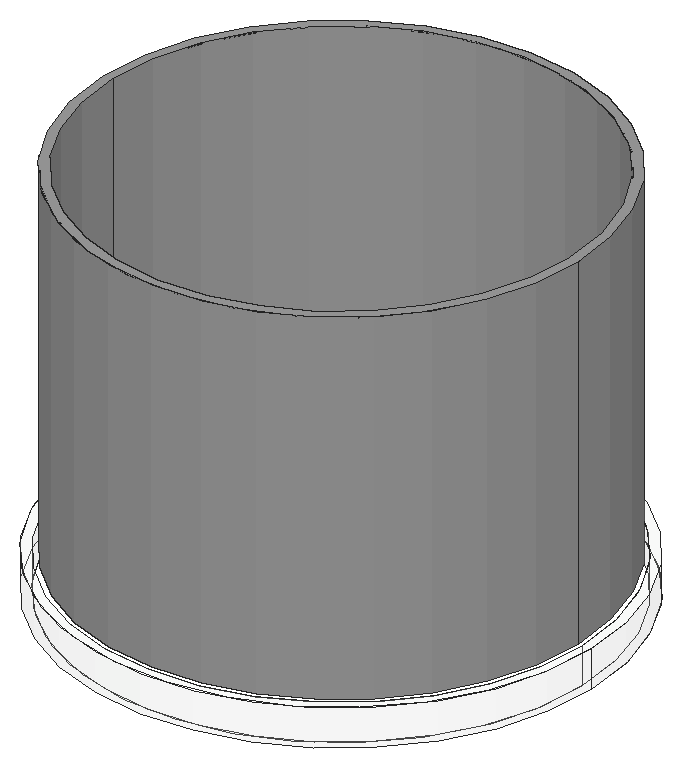
Revit family "Iluminação embutida - Luz de spot", category Luminárias, Revit 2019
Family settings
  Hospedeiro = Forro
  Cota do conector redondo = Utilizar diâmetro
  Tipo de parte = Normal
  Número OmniClass = 23.80.70.11
  Título OmniClass = Luminaries for Internal Lighting
  Sempre na vertical = Sim
  Corte com vazios quando carregada = Não
  Fonte luminosa = Sim
  Compartilhado = Não
  Ponto de cálculo do ambiente = Não
Parameters (values of type "110x75mm-50W")
  Wattage = 50 W
  built-in parameter 1150110 = 1 (stored number, unit not read)
  built-in parameter 1114217 = 1 (stored number, unit not read)
  Tilt Angle = 90.00°
  Espessura = 8 mm
  built-in parameter 1150109 = 1 (stored number, unit not read)
  built-in parameter 1150134 = (empty or 0)
  built-in parameter 1150113 = 1 (stored number, unit not read)
  built-in parameter 1010507 = 1.5708 (stored number, unit not read)
  built-in parameter 1010506 = 0.5236 (stored number, unit not read)
  Raio = 55 mm
  Lumens = 900 lm
  built-in parameter 1150115 = 1 (stored number, unit not read)
  built-in parameter 1150105 = 3009.2 (stored number, unit not read)
  Comprimento do símbolo da fonte luminosa = 2000 mm
  built-in parameter 1150137 = (empty or 0)
  built-in parameter 1150139 = (empty or 0)
  Material da luminária = Metal - Acabamento pintado - Marfim, fosco
  built-in parameter 1150112 = 1 (stored number, unit not read)
  built-in parameter 1150114 = 1 (stored number, unit not read)
  built-in parameter 1150132 = (empty or 0)
  built-in parameter 1150102 = (empty or 0)
  built-in parameter 1150138 = (empty or 0)
  built-in parameter 1150107 = 3000 (stored number, unit not read)
  built-in parameter 1150106 = 30.092 (stored number, unit not read)
  Altura = 75 mm
  built-in parameter 1150104 = 1.6723 (stored number, unit not read)
  Dimming Lamp Color Temperature Shift = (empty or 0)
  Color Filter = 16777215
  built-in parameter 1114218 = 1 (stored number, unit not read)
  built-in parameter 1150133 = 10 (stored number, unit not read)
Reference planes
  plane 1 "Eixo de origem da luz (F/T)": y = 0
  plane 2 "Forro": z = 2438.4
  plane 3 "Eixo de origem da luz (E/D)": x = 0
  plane 4 "Elevação da origem da luz": z = 2438.4
  plane 5: z = 2513.4
  plane 6: z = 2430.4
Forms (mm)
  Extrusion 1, solid, material "Metal - Acabamento pintado - Marfim, fosco" <- "Material da luminária"
    sketch origin (0, 0, 2438.4) x (1, 0, 0) y (0, 1, 0)
      loop
        circle (0, 0) r 50
      loop
        circle (0, 0) r 52
    from 0 to 75
  Extrusion 2, solid, material "Vidro, Branco, Alta Luminosidade"
    sketch origin (0, 0, 2438.4) x (1, 0, 0) y (0, 1, 0)
      loop
        circle (0, 0) r 53
      loop
        circle (0, 0) r 55
    from 0 to -8
Lines and regions (mm)
  Opening 1
    outline origin (0, 0, 2438.4) x (1, 0, 0) y (0, 1, 0)
      loop
        circle (0, 0) r 50
  Opening 2
    outline origin (0, 0, 2438.4) x (1, 0, 0) y (0, 1, 0)
      loop
        circle (0, 0) r 55
Text (mm)
  text "�ngulo de inclina玢o 0" at (-1482.244, 236.007, 2133.6), in view "Nível de referência"
  text "�ngulo de inclina玢o de 180 graus" at (653.058, 236.007, 2133.6), in view "Nível de referência"
Dimensions and locks
  equal spacing: host sketch curve, plane 3 "Eixo de origem da luz (E/D)", host sketch curve
  equal spacing: host sketch curve, plane 1 "Eixo de origem da luz (F/T)", host sketch curve
  host sketch curve to host sketch curve = 3048 mm  (x2)
  "Espessura": plane 6 to plane 4 "Elevação da origem da luz"
  "Altura": plane 5 to plane 4 "Elevação da origem da luz"
  "Raio": radius of Extrusion 2 sketch curve
  radius of Extrusion 2 sketch curve = 53 mm
  aligned and locked: imposter light to plane 3 "Eixo de origem da luz (E/D)"
  aligned and locked: plane 1 "Eixo de origem da luz (F/T)" to imposter light
  aligned and locked: Extrusion 1 to plane 2 "Forro"
  aligned and locked: plane 6 to Extrusion 2
  aligned and locked: plane 5 to Extrusion 1
  aligned and locked: imposter light to plane 6
Automatic sketch dimensions
  plane 1 "Eixo de origem da luz (F/T)" to Opening 1 sketch curve = 0 mm
  Opening 1 sketch curve to plane 3 "Eixo de origem da luz (E/D)" = 0 mm
  Extrusion 1 sketch curve to Extrusion 1 sketch curve = 0 mm  (x2)
  plane 1 "Eixo de origem da luz (F/T)" to Extrusion 1 sketch curve = 0 mm
  Extrusion 1 sketch curve to plane 3 "Eixo de origem da luz (E/D)" = 0 mm
  Extrusion 2 sketch curve to Extrusion 2 sketch curve = 0 mm  (x2)
  plane 1 "Eixo de origem da luz (F/T)" to Extrusion 2 sketch curve = 0 mm
  Extrusion 2 sketch curve to plane 3 "Eixo de origem da luz (E/D)" = 0 mm
  plane 1 "Eixo de origem da luz (F/T)" to Opening 2 sketch curve = 0 mm
  Opening 2 sketch curve to plane 3 "Eixo de origem da luz (E/D)" = 0 mm
  radius of Opening 1 sketch curve = 50 mm
  radius of Extrusion 1 sketch curve = 50 mm
  radius of Extrusion 1 sketch curve = 52 mm
  radius of Opening 2 sketch curve = 55 mm
Types in the file's own list only (11): name | Ângulo de inclinação | Ângulo do ponto do campo | Ângulo do ponto da viga | Raio | Altura | Filtro de cor
  R55x75mm-50W | 90.00° | 90.00° | 30.00° | 55 mm | 75 mm | 16777215
  R70x123mm-50W | 90.00° | 90.00° | 30.00° | 70 mm | 123 mm | 16777215
  R70x75mm-50W | 90.00° | 90.00° | 30.00° | 70 mm | 75 mm | 16777215
  R84x121mm-75W | 90.00° | 90.00° | 30.00° | 84 mm | 121 mm | 16777215
  R84x95mm-100W | 90.00° | 90.00° | 30.00° | 84 mm | 95 mm | 16777215
  R84x75mm-50W | 90.00° | 90.00° | 30.00° | 84 mm | 75 mm | 16777215
  R70x128mm-35W | 90.00° | 90.00° | 30.00° | 70 mm | 128 mm | 16777215
  R84x158mm-70W | 90.00° | 90.00° | 30.00° | 84 mm | 158 mm | 16777215
  R84x106mm-35W | 90.00° | 90.00° | 30.00° | 84 mm | 106 mm | 16777215
  R84x135mm-70W | 90.00° | 90.00° | 30.00° | 84 mm | 135 mm | 16777215
  R84x145mm-150W | 90.00° | 90.00° | 30.00° | 84 mm | 145 mm | 16777215
